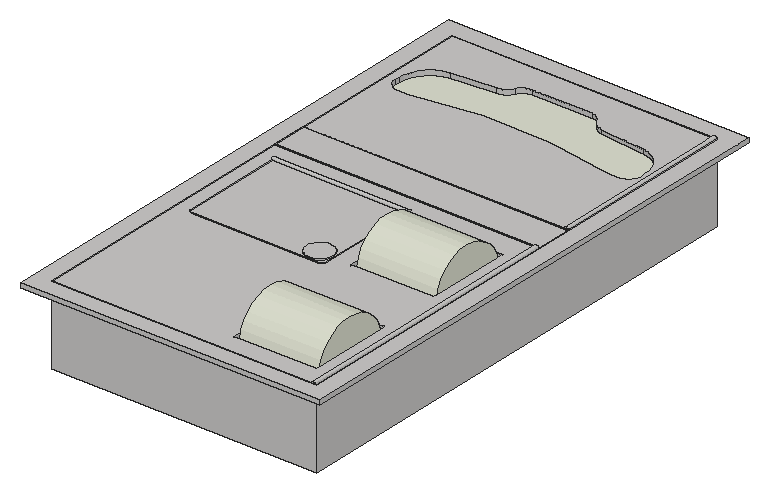
Revit family "Combination_Unit-Bradley_Corp-5912", category Specialty Equipment, host Face, Revit 2018
Family settings
  Host = Face
  Round Connector Dimension = Use Diameter
  Part Type = Normal
  Cut with Voids When Loaded = No
  Shared = No
  Room Calculation Point = No
Parameters (values of type "Right Hand Spindles")
  Width = 17 1/8"
  Warranty Information = "Complete unit, excepting mirrors warranted for one year."
  Void Width = 15 3/8"
  Void Height = 28 7/8"
  Void Depth = 4 1/2"
  Version = "1.0"
  URL = "http://www.bradleycorp.com/"
  Door Side Indicator = 1
  Type Comments = "Right Hand Spindles"
  Technical Data = "n/a"
  Spindles Visibility [instance] = not(Paper Product Visibility)  # no
  Right Hand Tissue Rolls [instance] = and(Door Side Indicator = 1, Paper Product Visibility)  # yes
  Right Hand Spindles [instance] = and(Door Side Indicator = 1, Spindles Visibility)  # no
  Right Hand Door [instance] = Door Side Indicator = 1  # yes
  Percentage of Recycled Content = 0
  Paper Product Visibility [instance] = yes
  OmniClass Title = "Toilet and Bath Specialties"
  OmniClass Code = "23.31.25.00"
  Modeling Code = "n/a"
  Model = "5912-000000"
  Material Note = "n/a"
  MasterFormat Title = "Commercial Toilet Accessories"
  MasterFormat Number = "10 28 13. 13"
  Manufacturer = "Bradley Corporation"
  Low Emitting Material = no
  Left Hand Tissue Rolls [instance] = and(Door Side Indicator = 2, Paper Product Visibility)  # no
  Left Hand Spindles [instance] = and(Door Side Indicator = 2, Spindles Visibility)  # no
  Left Hand Door [instance] = Door Side Indicator = 2  # no
  LEED Credit = ""
  Installation Type = ""
  Industry Standards = ""
  Height = 30 5/8"
  Flange Width = 1"
  Description = "Combination Unit"
  Depth of which projects = 1/4"
  Fire Rating = "n/a"
  Depth = 4 1/2"
  Default Elevation = 48"
  Copyright = "This Model is Property of Bradley Corporation"
  Complies to NAFTA = "n/a"
  Cabinet Material = Metal - Bradley Corp - Stainless Steel Satin
  Buy American Act = "Yes"
  Assembly Code = "C1030200"
  ADA Compliant = "Yes"
Types (3): name | Door Side Indicator | Type Comments | Right Hand Tissue Rolls | Right Hand Door | Model | Left Hand Tissue Rolls | Left Hand Door
  (no name) | 1 | "Right Hand Spindles" | yes | yes | "5912-000000" | no | no
  Right Hand Spindles | 1 | "Right Hand Spindles" | yes | yes | "5912-000000" | no | no
  Left Hand Spindles | 2 | "Left Hand Spindles" | no | no | "5912-690000" | yes | yes
Reference planes (in)
  plane 1 "Center (Front/Back)": y = 0
  plane 2 "Ref Plane": z = 0
  plane 3 "Center (Left/Right)": x = 0
  plane 4 "Top": y = 15.3125
  plane 5 "Left": x = -8.5625
  plane 6 "Right": x = 8.5625
  plane 7 "Bottom": y = -15.3125
  plane 8 "Front": z = 0.25
  plane 9 "Back": z = -4.25
  plane 10 "Flange Left": x = -7.5625
  plane 11 "Flange Right": x = 7.5625
  plane 12 "Flange Bottom": y = -14.3125
  plane 13 "Flange Top": y = 14.3125
  plane 14 "Center (Elevation)": y = -5.62653
  plane 15: y = 9.52232
  plane 16 "LEFT-Spool": x = -4.3125
  plane 17 "RIGHT Spool": x = 4.31593
  plane 18 "B.O. Roll": y = -13.1679
  plane 19 "C.O. Grab Bar": y = 2.6875
Forms (in)
  Extrusion 1, void
    sketch origin (0, 0, 0) x (1, 0, 0) y (0, 1, 0)
      loop
        line (-7.6875, 14.4375) -> (-7.6875, -14.4375) -> (7.6875, -14.4375) -> (7.6875, 14.4375) -> (-7.6875, 14.4375)
    from -4.5 to 0.25
  Extrusion 2, solid, material "Metal - Bradley Corp - Stainless Steel Satin" <- "Cabinet Material"
    sketch origin (0, 0, 0) x (0, 1, 0) y (-1, 0, 0)
      loop
        line (15.3125, 8.5625) -> (-15.3125, 8.5625) -> (-15.3125, -8.5625) -> (15.3125, -8.5625) -> (15.3125, 8.5625)
      loop
        line (14.3125, 7.5625) -> (-14.3125, 7.5625) -> (-14.3125, -7.5625) -> (14.3125, -7.5625) -> (14.3125, 7.5625)
    from 0 to 0.25
  Extrusion 3, solid, material "Metal - Bradley Corp - Stainless Steel Satin" <- "Cabinet Material", visible <- "Right Hand Door", detail levels fine
    sketch origin (0, 0, -1.8125) x (0, 1, 0) y (-1, 0, 0)
      loop
        line (14.3125, 7.5625) -> (-14.3125, 7.5625) -> (-14.3125, -7.5625) -> (14.3125, -7.5625) -> (14.3125, 7.5625)
    from -2.4375 to 2.0625
  Extrusion 4, void
    sketch origin (0, 0, -1.8125) x (0, 1, 0) y (-1, 0, 0)
      loop
        arc (12.69255, 1.72425) -> (12.56364, 2.09837) -> (12.26505, 2.35804) r 0.76508
        arc (12.26505, 2.35804) -> (11.96017, 2.6198) -> (11.82203, 2.99715) r 0.79587
        line (11.82203, 2.99715) -> (11.57916, 5.52704)
        arc (11.57916, 5.52704) -> (10.99138, 6.62597) -> (9.82135, 7.05509) r 1.75
        line (9.82135, 7.05509) -> (9.58577, 7.05509)
        arc (9.58577, 7.05509) -> (9.05553, 6.83546) -> (8.83591, 6.30522) r 0.74986
        line (8.83591, 6.30522) -> (8.83591, 5.73016)
        arc (8.83591, 5.73016) -> (9.52232, 0) -> (8.83591, -5.73016) r 24.26081
        line (8.83591, -5.73016) -> (8.83591, -6.30522)
        arc (8.83591, -6.30522) -> (9.05553, -6.83546) -> (9.58577, -7.05509) r 0.74986
        line (9.58577, -7.05509) -> (9.82135, -7.05509)
        arc (9.82135, -7.05509) -> (10.99138, -6.62597) -> (11.57916, -5.52704) r 1.75
        line (11.57916, -5.52704) -> (11.82203, -2.99715)
        arc (11.82203, -2.99715) -> (11.96017, -2.6198) -> (12.26505, -2.35804) r 0.79587
        arc (12.26505, -2.35804) -> (12.56364, -2.09837) -> (12.69255, -1.72425) r 0.76508
        arc (12.69255, -1.72425) -> (12.75315, 0) -> (12.69255, 1.72425) r 24.56106
      loop
        line (3.649, 7.5625) -> (3.649, -7.5625) -> (3.7115, -7.5625) -> (3.7115, 7.5625) -> (3.649, 7.5625)
      loop
        line (1.62647, 7.5625) -> (1.56397, 7.5625) -> (1.56397, -7.5625) -> (1.62647, -7.5625) -> (1.62647, 7.5625)
    from 1.5625 to 2.0625
  Extrusion 5, void
    sketch origin (0.07262, -2.48188, 0) x (1, 0, 0) y (0, 1, 0)
      loop
        line (-6.8325, 3.13286) -> (-6.8325, -2.89464)
        arc (-6.8325, -2.89464) -> (-6.75927, -3.07142) -> (-6.5825, -3.14464) r 0.25
        line (-6.5825, -3.14464) -> (0.6675, -3.14464)
        arc (0.6675, -3.14464) -> (0.84428, -3.07142) -> (0.9175, -2.89464) r 0.25
        line (0.9175, -2.89464) -> (0.9175, 3.13286) -> (-6.8325, 3.13286)
      loop
        line (-6.77, 3.07036) -> (-6.77, -2.89464)
        arc (-6.77, -2.89464) -> (-6.71508, -3.02722) -> (-6.5825, -3.08214) r 0.1875
        line (-6.5825, -3.08214) -> (0.6675, -3.08214)
        arc (0.6675, -3.08214) -> (0.80009, -3.02722) -> (0.855, -2.89464) r 0.1875
        line (0.855, -2.89464) -> (0.855, 3.07036) -> (-6.77, 3.07036)
    from 0 to 0.25
  Extrusion 6, solid, material "Metal - Bradley Corp - Stainless Steel Satin" <- "Cabinet Material", visible <- "Right Hand Door", detail levels fine
    sketch origin (0, -2.24006, 6.02708) x (0, 1, 0) y (0, 0, 1)
      loop
        arc (2.89104, -5.77708) -> (2.76994, -5.65599) -> (2.64885, -5.77708) r 0.12109
        line (2.64885, -5.77708) -> (2.89104, -5.77708)
    from -6.75988 to 0.99012
  Extrusion 7, void
    sketch origin (0, 0, -0.33976) x (0, 1, 0) y (0, 0, 1)
      loop
        arc (-4.26666, -1.69193) -> (-1.32176, -2.37141) -> (0.14381, 0.27174) r 2.5114
        line (0.14381, 0.27174) -> (0.14381, 2.52174) -> (-4.82605, 2.52174) -> (-4.82605, 0.30076) -> (-8.22561, 0.30076) -> (-8.22561, 2.52174) -> (-13.19547, 2.52174) -> (-13.19547, 0.27174)
        arc (-13.19547, 0.27174) -> (-11.7299, -2.37141) -> (-8.785, -1.69193) r 2.5114
        arc (-8.785, -1.69193) -> (-6.52583, -0.63882) -> (-4.26666, -1.69193) r 2.94978
    from 6.67462 to 1.95724
  Extrusion 8, solid, material "Metal - Bradley Corp - Stainless Steel Satin" <- "Cabinet Material", visible <- "Right Hand Spindles", detail levels fine
    sketch origin (0, 0, 0) x (0, 1, 0) y (0, 0, 1)
      loop
        circle (-2.34324, -0.41689) r 0.5
      loop
        circle (-10.70842, -0.41689) r 0.5
    from 1.95724 to 6.67462
  Extrusion 9, solid, material "Paper - Bradley Corp - White", visible <- "Right Hand Tissue Rolls", detail levels fine
    sketch origin (0, 0, 0) x (0, 1, 0) y (0, 0, 1)
      loop
        circle (-2.34324, -0.41689) r 2.25
      loop
        circle (-10.70842, -0.41689) r 2.25
    from 2.05262 to 6.61562
  Extrusion 10, solid, material "Metal - Bradley Corp - Stainless Steel Satin" <- "Cabinet Material", visible <- "Left Hand Door", detail levels fine
    sketch origin (0, 0, 0.25) x (0, 1, 0) y (-1, 0, 0)
      loop
        line (14.3125, 7.5625) -> (-14.3125, 7.5625) -> (-14.3125, -7.5625) -> (14.3125, -7.5625) -> (14.3125, 7.5625)
    from 0 to -4.5
  Extrusion 11, void
    sketch origin (-8.55804, 0.02757, -0.33976) x (0, 1, 0) y (0, 0, 1)
      loop
        arc (-4.26666, -1.69193) -> (-1.32176, -2.37141) -> (0.14381, 0.27174) r 2.5114
        line (0.14381, 0.27174) -> (0.14381, 2.52174) -> (-4.82605, 2.52174) -> (-4.82605, 0.30076) -> (-8.22561, 0.30076) -> (-8.22561, 2.52174) -> (-13.19547, 2.52174) -> (-13.19547, 0.27174)
        arc (-13.19547, 0.27174) -> (-11.7299, -2.37141) -> (-8.785, -1.69193) r 2.5114
        arc (-8.785, -1.69193) -> (-6.52583, -0.63882) -> (-4.26666, -1.69193) r 2.94978
    from 6.67462 to 1.95724
  Extrusion 12, void
    sketch origin (5.8497, -2.48188, 0) x (1, 0, 0) y (0, 1, 0)
      loop
        line (-6.8325, 3.13286) -> (-6.8325, -2.89464)
        arc (-6.8325, -2.89464) -> (-6.75927, -3.07142) -> (-6.5825, -3.14464) r 0.25
        line (-6.5825, -3.14464) -> (0.6675, -3.14464)
        arc (0.6675, -3.14464) -> (0.84428, -3.07142) -> (0.9175, -2.89464) r 0.25
        line (0.9175, -2.89464) -> (0.9175, 3.13286) -> (-6.8325, 3.13286)
      loop
        line (-6.77, 3.07036) -> (-6.77, -2.89464)
        arc (-6.77, -2.89464) -> (-6.71508, -3.02722) -> (-6.5825, -3.08214) r 0.1875
        line (-6.5825, -3.08214) -> (0.6675, -3.08214)
        arc (0.6675, -3.08214) -> (0.80009, -3.02722) -> (0.855, -2.89464) r 0.1875
        line (0.855, -2.89464) -> (0.855, 3.07036) -> (-6.77, 3.07036)
    from 0 to 0.25
  Extrusion 13, solid, material "Metal - Bradley Corp - Stainless Steel Satin" <- "Cabinet Material", visible <- "Left Hand Spindles", detail levels fine
    sketch origin (0, 0, 0) x (0, 1, 0) y (0, 0, 1)
      loop
        circle (-2.34324, -0.41689) r 0.5
      loop
        circle (-10.70842, -0.41689) r 0.5
    from -6.6008 to -1.88341
  Extrusion 14, solid, material "Paper - Bradley Corp - White", visible <- "Left Hand Tissue Rolls", detail levels fine
    sketch origin (0, 0, 0) x (0, 1, 0) y (0, 0, 1)
      loop
        circle (-2.34324, -0.41689) r 2.25
      loop
        circle (-10.70842, -0.41689) r 2.25
    from -6.49826 to -1.98289
  Extrusion 15, solid, material "Metal - Bradley Corp - Stainless Steel Satin" <- "Cabinet Material", visible <- "Left Hand Door", detail levels fine
    sketch origin (5.80659, -2.24006, 6.02708) x (0, 1, 0) y (0, 0, 1)
      loop
        arc (2.89104, -5.77708) -> (2.76994, -5.65599) -> (2.64885, -5.77708) r 0.12109
        line (2.64885, -5.77708) -> (2.89104, -5.77708)
    from -6.78939 to 0.96061
  Extrusion 16, solid, material "Paper - Bradley Corp - White", visible <- "Paper Product Visibility", detail levels fine
    sketch origin (0, 0, 0.25) x (0, 1, 0) y (-1, 0, 0)
      loop
        arc (12.69255, -1.72425) -> (12.75315, 0) -> (12.69255, 1.72425) r 24.56106
        arc (12.69255, 1.72425) -> (12.56364, 2.09837) -> (12.26505, 2.35804) r 0.76508
        arc (12.26505, 2.35804) -> (11.96017, 2.6198) -> (11.82203, 2.99715) r 0.79587
        line (11.82203, 2.99715) -> (11.58533, 5.47185)
        arc (11.58533, 5.47185) -> (11.01219, 6.60758) -> (9.82135, 7.05509) r 1.75
        line (9.82135, 7.05509) -> (9.58577, 7.05509)
        arc (9.58577, 7.05509) -> (9.05553, 6.83546) -> (8.83591, 6.30522) r 0.74986
        line (8.83591, 6.30522) -> (8.83591, 5.73016)
        arc (8.83591, 5.73016) -> (9.52232, 0) -> (8.83591, -5.73016) r 24.26081
        line (8.83591, -5.73016) -> (8.83591, -6.30522)
        arc (8.83591, -6.30522) -> (9.05553, -6.83546) -> (9.58577, -7.05509) r 0.74986
        line (9.58577, -7.05509) -> (9.82135, -7.05509)
        arc (9.82135, -7.05509) -> (11.01219, -6.60758) -> (11.58533, -5.47185) r 1.75
        line (11.58533, -5.47185) -> (11.82203, -2.99715)
        arc (11.82203, -2.99715) -> (11.96017, -2.6198) -> (12.26505, -2.35804) r 0.79587
        arc (12.26505, -2.35804) -> (12.56364, -2.09837) -> (12.69255, -1.72425) r 0.76508
    from -0.5 to -0.25
  Extrusion 17, solid, material "Metal - Bradley Corp - Stainless Steel Satin" <- "Cabinet Material", detail levels coarse+medium
    sketch origin (0, 0, 0.25) x (0, 1, 0) y (-1, 0, 0)
      loop
        line (14.3125, 7.5625) -> (-14.3125, 7.5625) -> (-14.3125, -7.5625) -> (14.3125, -7.5625) -> (14.3125, 7.5625)
    from -4.5 to 0
  Extrusion 18, solid, material "Metal - Bradley Corp - Stainless Steel Satin" <- "Cabinet Material", visible <- "Right Hand Door", detail levels fine
    sketch origin (-4.39729, -22.9992, 0.26675) x (0, 1, 0) y (-1, 0, 0)
      loop
        circle (18.25, -4.5) r 0.75
    from -0.01675 to 0.03125
  Extrusion 19, solid, material "Metal - Bradley Corp - Stainless Steel Satin" <- "Cabinet Material", visible <- "Left Hand Door", detail levels fine
    sketch origin (-4.61424, -22.9992, 0.26675) x (0, 1, 0) y (-1, 0, 0)
      loop
        circle (18.25, -4.5) r 0.75
    from -0.01675 to 0.03125
  Extrusion 20, solid, material "Metal - Bradley Corp - Stainless Steel Satin" <- "Cabinet Material", visible <- "Right Hand Door", detail levels fine
    sketch origin (10.21135, 10.50089, 6.02708) x (-1, 0, 0) y (0, 0, 1)
      loop
        arc (2.89104, -5.77708) -> (2.76994, -5.65599) -> (2.64885, -5.77708) r 0.12109
        line (2.64885, -5.77708) -> (2.89104, -5.77708)
    from -6.78939 to 3.81161
  Extrusion 21, solid, material "Metal - Bradley Corp - Stainless Steel Satin" <- "Cabinet Material", visible <- "Right Hand Door", detail levels fine
    sketch origin (10.21135, 0.60336, 6.02708) x (-1, 0, 0) y (0, 0, 1)
      loop
        arc (2.89104, -5.77708) -> (2.76994, -5.65599) -> (2.64885, -5.77708) r 0.12109
        line (2.64885, -5.77708) -> (2.89104, -5.77708)
    from -14.91586 to 0.96061
  Extrusion 22, solid, material "Metal - Bradley Corp - Stainless Steel Satin" <- "Cabinet Material", visible <- "Left Hand Door", detail levels fine
    sketch origin (-10.21135, 10.50089, 6.02708) x (1, 0, 0) y (0, 0, -1)
      loop
        line (2.89104, 5.77708) -> (2.64885, 5.77708)
        arc (2.64885, 5.77708) -> (2.76994, 5.65599) -> (2.89104, 5.77708) r 0.12109
    from -6.78939 to 3.81161
  Extrusion 23, solid, material "Metal - Bradley Corp - Stainless Steel Satin" <- "Cabinet Material", visible <- "Left Hand Door", detail levels fine
    sketch origin (-10.21135, 0.60336, 6.02708) x (1, 0, 0) y (0, 0, -1)
      loop
        line (2.89104, 5.77708) -> (2.64885, 5.77708)
        arc (2.64885, 5.77708) -> (2.76994, 5.65599) -> (2.89104, 5.77708) r 0.12109
    from -14.91586 to 0.96061
Cuts and joins
  Extrusion 5, Extrusion 7, Extrusion 11, Extrusion 12 cuts Extrusion 2
  Extrusion 4, Extrusion 5, Extrusion 7 cuts Extrusion 3
  Extrusion 7, Extrusion 12 cuts Extrusion 6
  Extrusion 11 cuts Extrusion 8
  Extrusion 4, Extrusion 11, Extrusion 12 cuts Extrusion 10
Lines and regions (in)
  Split face 1
    outline origin (-4.39729, -22.9992, 0.298) x (0, 1, 0) y (-1, 0, 0)
      loop
        line (18.38475, -4.10487) -> (17.64205, -4.20925) -> (17.64205, -4.76856) -> (18.38475, -4.87294) -> (18.38475, -4.83903) -> (17.69085, -4.7415) -> (17.69085, -4.23631) -> (18.38475, -4.13879) -> (18.38475, -4.10487)
  Split face 2
    outline origin (-4.39729, -22.9992, 0.298) x (0, 1, 0) y (-1, 0, 0)
      loop
        line (18.27182, -4.25749) -> (18.00475, -4.52457)
        arc (18.00475, -4.52457) -> (18.1936, -4.60279) -> (18.27182, -4.79164) r 0.26708
        line (18.27182, -4.79164) -> (18.5389, -4.52457)
        arc (18.5389, -4.52457) -> (18.46067, -4.33572) -> (18.27182, -4.25749) r 0.26708
  Split face 3
    outline origin (-4.39729, -22.9992, 0.298) x (0, 1, 0) y (-1, 0, 0)
      loop
        arc (18.87521, -4.8477) -> (18.91749, -4.63008) -> (18.87521, -4.41246) r 0.58124
        arc (18.87521, -4.41246) -> (18.73215, -4.27428) -> (18.53373, -4.28817) r 0.24445
        arc (18.53373, -4.28817) -> (18.71378, -4.41336) -> (18.76984, -4.62537) r 0.31771
        arc (18.76984, -4.62537) -> (18.69183, -4.57543) -> (18.64189, -4.49742) r 0.21615
        arc (18.64189, -4.49742) -> (18.67952, -4.70986) -> (18.78891, -4.89583) r 0.60851
        line (18.78891, -4.89583) -> (18.87521, -4.8477)
  Split face 4
    outline origin (-4.61424, -22.9992, 0.298) x (0, 1, 0) y (-1, 0, 0)
      loop
        line (18.38475, -4.10487) -> (17.64205, -4.20925) -> (17.64205, -4.76856) -> (18.38475, -4.87294) -> (18.38475, -4.83903) -> (17.69085, -4.7415) -> (17.69085, -4.23631) -> (18.38475, -4.13879) -> (18.38475, -4.10487)
  Split face 5
    outline origin (-4.61424, -22.9992, 0.298) x (0, 1, 0) y (-1, 0, 0)
      loop
        line (18.27182, -4.25749) -> (18.00475, -4.52457)
        arc (18.00475, -4.52457) -> (18.1936, -4.60279) -> (18.27182, -4.79164) r 0.26708
        line (18.27182, -4.79164) -> (18.5389, -4.52457)
        arc (18.5389, -4.52457) -> (18.46067, -4.33572) -> (18.27182, -4.25749) r 0.26708
  Split face 6
    outline origin (-4.61424, -22.9992, 0.298) x (0, 1, 0) y (-1, 0, 0)
      loop
        arc (18.87521, -4.8477) -> (18.91749, -4.63008) -> (18.87521, -4.41246) r 0.58124
        arc (18.87521, -4.41246) -> (18.73215, -4.27428) -> (18.53373, -4.28817) r 0.24445
        arc (18.53373, -4.28817) -> (18.71378, -4.41336) -> (18.76984, -4.62537) r 0.31771
        arc (18.76984, -4.62537) -> (18.69183, -4.57543) -> (18.64189, -4.49742) r 0.21615
        arc (18.64189, -4.49742) -> (18.67952, -4.70986) -> (18.78891, -4.89583) r 0.60851
        line (18.78891, -4.89583) -> (18.87521, -4.8477)
  model lines, detail levels medium
    curve 1: arc (1.72425, 12.69255, 0.25) -> (0, 12.75315, 0.25) -> (-1.72425, 12.69255, 0.25) r 24.56106
    curve 2: arc (-1.72425, 12.69255, 0.25) -> (-2.09837, 12.56364, 0.25) -> (-2.35804, 12.26505, 0.25) r 0.76508
    curve 3: arc (-2.35804, 12.26505, 0.25) -> (-2.6198, 11.96017, 0.25) -> (-2.99715, 11.82203, 0.25) r 0.79587
    curve 4: line (-2.99715, 11.82203, 0.25) -> (-5.47185, 11.58533, 0.25)
    curve 5: arc (-7.05509, 9.82135, 0.25) -> (-6.60758, 11.01219, 0.25) -> (-5.47185, 11.58533, 0.25) r 1.75
    curve 6: line (-7.05509, 9.82135, 0.25) -> (-7.05509, 9.58577, 0.25)
    curve 7: arc (-7.05509, 9.58577, 0.25) -> (-6.83546, 9.05553, 0.25) -> (-6.30522, 8.83591, 0.25) r 0.74986
    curve 8: line (-6.30522, 8.83591, 0.25) -> (-5.73016, 8.83591, 0.25)
    curve 9: arc (1.72425, 12.69255, 0.25) -> (2.09837, 12.56364, 0.25) -> (2.35804, 12.26505, 0.25) r 0.76508
    curve 10: arc (2.35804, 12.26505, 0.25) -> (2.6198, 11.96017, 0.25) -> (2.99715, 11.82203, 0.25) r 0.79587
    curve 11: line (2.99715, 11.82203, 0.25) -> (5.47185, 11.58533, 0.25)
    curve 12: arc (7.05509, 9.82135, 0.25) -> (6.60758, 11.01219, 0.25) -> (5.47185, 11.58533, 0.25) r 1.75
    curve 13: line (7.05509, 9.82135, 0.25) -> (7.05509, 9.58577, 0.25)
    curve 14: arc (7.05509, 9.58577, 0.25) -> (6.83546, 9.05553, 0.25) -> (6.30522, 8.83591, 0.25) r 0.74986
    curve 15: line (6.30522, 8.83591, 0.25) -> (5.73016, 8.83591, 0.25)
    curve 16: arc (5.73016, 8.83591, 0.25) -> (0, 9.52232, 0.25) -> (-5.73016, 8.83591, 0.25) r 24.26081
    curve 53: line (-7.5625, 3.7115, 0.25) -> (7.5625, 3.7115, 0.25)
    curve 54: line (7.5625, 1.56397, 0.25) -> (-7.5625, 1.56397, 0.25)
  model lines, visible <- "Right Hand Door", detail levels medium+fine
    curve 17: circle (-6.75987, 7.7514, 0.25) r 0.431 normal (0, 0, 1)
    curve 19: circle (-6.75987, -7.2486, 0.25) r 0.431 normal (0, 0, 1)
  model lines, visible <- "Right Hand Door", detail levels fine
    curve 18: circle (-6.75987, 7.7514, 0.25) r 0.316 normal (0, 0, 1)
    curve 20: circle (-6.75987, -7.2486, 0.25) r 0.316 normal (0, 0, 1)
  model lines, visible <- "Right Hand Door", detail levels medium
    curve 21: line (-6.75987, 0.65097, 0.25) -> (-6.75987, -5.37653, 0.25)
    curve 22: arc (-6.75987, -5.37653, 0.25) -> (-6.68665, -5.5533, 0.25) -> (-6.50987, -5.62653, 0.25) r 0.25
    curve 23: line (-6.50987, -5.62653, 0.25) -> (0.74013, -5.62653, 0.25)
    curve 24: arc (0.74013, -5.62653, 0.25) -> (0.9169, -5.5533, 0.25) -> (0.99013, -5.37653, 0.25) r 0.25
    curve 25: line (0.99013, -5.37653, 0.25) -> (0.99013, 0.65097, 0.25)
    curve 26: line (0.99013, 0.65097, 0.25) -> (-6.75987, 0.65097, 0.25)
    curve 27: line (1.95724, 0.16816, 0.25) -> (6.67463, 0.16816, 0.25)
    curve 28: line (1.95724, -4.82605, 0.25) -> (1.95724, 0.16816, 0.25)
    curve 29: line (6.67463, -4.82605, 0.25) -> (1.95724, -4.82605, 0.25)
    curve 30: line (6.67463, 0.16816, 0.25) -> (6.67463, -4.82605, 0.25)
    curve 31: line (1.95724, -8.22561, 0.25) -> (6.67463, -8.22561, 0.25)
    curve 32: line (1.95724, -13.19547, 0.25) -> (1.95724, -8.22561, 0.25)
    curve 33: line (6.67463, -13.19547, 0.25) -> (1.95724, -13.19547, 0.25)
    curve 34: line (6.67463, -8.22561, 0.25) -> (6.67463, -13.19547, 0.25)
    curve 55: circle (0.10271, -4.7492, 0.25) r 0.75 normal (0, 0, 1)
  model lines, visible <- "Left Hand Door", detail levels medium+fine
    curve 35: circle (6.76, 7.7514, 0.25) r 0.431 normal (0, 0, 1)
    curve 37: circle (6.76, -7.2486, 0.25) r 0.431 normal (0, 0, 1)
  model lines, visible <- "Left Hand Door", detail levels fine
    curve 36: circle (6.76, 7.7514, 0.25) r 0.316 normal (0, 0, 1)
    curve 38: circle (6.76, -7.2486, 0.25) r 0.316 normal (0, 0, 1)
  model lines, visible <- "Left Hand Door", detail levels medium
    curve 39: line (-6.6008, 0.17138, 0.25) -> (-1.88341, 0.17138, 0.25)
    curve 40: line (-6.6008, -4.79848, 0.25) -> (-6.6008, 0.17138, 0.25)
    curve 41: line (-1.88341, -4.79848, 0.25) -> (-6.6008, -4.79848, 0.25)
    curve 42: line (-1.88341, 0.17138, 0.25) -> (-1.88341, -4.79848, 0.25)
    curve 43: line (-1.88341, -8.19804, 0.25) -> (-6.6008, -8.19804, 0.25)
    curve 44: line (-1.88341, -13.19225, 0.25) -> (-1.88341, -8.19804, 0.25)
    curve 45: line (-6.6008, -13.19225, 0.25) -> (-1.88341, -13.19225, 0.25)
    curve 46: line (-6.6008, -8.19804, 0.25) -> (-6.6008, -13.19225, 0.25)
    curve 47: line (-0.9828, 0.65097, 0.25) -> (6.7672, 0.65097, 0.25)
    curve 48: line (6.7672, 0.65097, 0.25) -> (6.7672, -5.37653, 0.25)
    curve 49: line (-0.9828, 0.65097, 0.25) -> (-0.9828, -5.37653, 0.25)
    curve 50: arc (-0.9828, -5.37653, 0.25) -> (-0.90957, -5.5533, 0.25) -> (-0.7328, -5.62653, 0.25) r 0.25
    curve 51: line (-0.7328, -5.62653, 0.25) -> (6.5172, -5.62653, 0.25)
    curve 52: arc (6.5172, -5.62653, 0.25) -> (6.69398, -5.5533, 0.25) -> (6.7672, -5.37653, 0.25) r 0.25
    curve 56: circle (-0.11424, -4.7492, 0.25) r 0.75 normal (0, 0, 1)
  symbolic lines, style "Door Swing", visible <- "Left Hand Door"
    curve 57: line (-7.5625, 0, 0.25) -> (-7.5625, 0, 15.375)
    curve 59: arc (-7.5625, 0, 15.375) -> (3.13249, 0, 10.94499) -> (7.5625, 0, 0.25) r 15.125
  symbolic lines, style "Door Swing", visible <- "Right Hand Door"
    curve 58: line (7.5625, 0, 0.25) -> (7.5625, 0, 15.375)
    curve 60: arc (7.5625, 0, 15.375) -> (-3.13249, 0, 10.94499) -> (-7.5625, 0, 0.25) r 15.125
Dimensions and locks (in)
  equal spacing: plane 4 "Top", plane 1 "Center (Front/Back)", plane 7 "Bottom"
  "Height": plane 4 "Top" to plane 7 "Bottom"
  equal spacing: plane 5 "Left", plane 3 "Center (Left/Right)", plane 6 "Right"
  "Width": plane 5 "Left" to plane 6 "Right"
  equal spacing: Extrusion 1 sketch curve, plane 3 "Center (Left/Right)", Extrusion 1 sketch curve
  "Void Width": Extrusion 1 sketch curve to Extrusion 1 sketch curve
  equal spacing: Extrusion 1 sketch curve, plane 1 "Center (Front/Back)", Extrusion 1 sketch curve
  "Void Height": Extrusion 1 sketch curve to Extrusion 1 sketch curve
  "Depth of which projects": plane 8 "Front" to plane 2 "Ref Plane"
  "Depth": plane 8 "Front" to plane 9 "Back"
  "Flange Width": plane 4 "Top" to plane 13 "Flange Top"
  "Flange Width": plane 7 "Bottom" to plane 12 "Flange Bottom"
  "Flange Width": plane 11 "Flange Right" to plane 6 "Right"
  "Flange Width": plane 5 "Left" to plane 10 "Flange Left"
  "Void Depth": plane 2 "Ref Plane" to Extrusion 1
  locked: plane 8 "Front" to Extrusion 4 at 0.5
  locked: Extrusion 5 to plane 8 "Front" at 0.25
  locked: plane 4 "Top" to plane 15 at 5.79018
  locked: plane 11 "Flange Right" to plane 17 "RIGHT Spool" at 3.24657
  locked: plane 16 "LEFT-Spool" to plane 10 "Flange Left" at 3.25
  locked: plane 18 "B.O. Roll" to plane 7 "Bottom" at 2.1446
  locked: plane 19 "C.O. Grab Bar" to plane 7 "Bottom" at 18
  radius of Extrusion 7 sketch curve = 2.5114"  (x2)
  radius of Extrusion 7 sketch curve = 2.94978"
  radius of Extrusion 11 sketch curve = 2.5114"  (x2)
  radius of Extrusion 11 sketch curve = 2.94978"
  aligned and locked: host face to plane 2 "Ref Plane"
  aligned and locked: level to host face
  aligned and locked: plane 8 "Front" to Extrusion 1
  aligned and locked: plane 5 "Left" to Extrusion 2 sketch curve
  aligned and locked: plane 10 "Flange Left" to Extrusion 2 sketch curve
  aligned and locked: Extrusion 2 sketch curve to plane 4 "Top"
  aligned and locked: Extrusion 2 sketch curve to plane 13 "Flange Top"
  aligned and locked: Extrusion 2 sketch curve to plane 11 "Flange Right"
  aligned and locked: Extrusion 2 sketch curve to plane 6 "Right"
  aligned and locked: Extrusion 2 sketch curve to plane 12 "Flange Bottom"
  aligned and locked: plane 7 "Bottom" to Extrusion 2 sketch curve
  aligned and locked: plane 10 "Flange Left" to Extrusion 3 sketch curve
  aligned and locked: Extrusion 3 sketch curve to plane 13 "Flange Top"
  aligned and locked: Extrusion 3 sketch curve to plane 12 "Flange Bottom"
  aligned and locked: Extrusion 3 sketch curve to plane 11 "Flange Right"
  aligned and locked: Extrusion 3 to plane 9 "Back"
  aligned and locked: plane 8 "Front" to Extrusion 3
  aligned and locked: Extrusion 4 to plane 8 "Front"
  aligned and locked: plane 8 "Front" to Extrusion 5
  aligned and locked: Extrusion 6 sketch curve to plane 8 "Front"
  aligned and locked: cut or joined group of Extrusion 2, Extrusion 5, Extrusion 7, Extrusion 11, Extrusion 12 to plane 2 "Ref Plane"
  aligned and locked: Extrusion 10 to plane 9 "Back"
  aligned and locked: plane 10 "Flange Left" to Extrusion 17 sketch curve
  aligned and locked: Extrusion 17 sketch curve to plane 13 "Flange Top"
  aligned and locked: Extrusion 17 sketch curve to plane 11 "Flange Right"
  aligned and locked: Extrusion 17 sketch curve to plane 12 "Flange Bottom"
  aligned and locked: Extrusion 17 to plane 9 "Back"
  aligned and locked: Extrusion 21 to cut or joined group of Extrusion 3, Extrusion 4, Extrusion 5, Extrusion 7
Automatic sketch dimensions
  host sketch curve to host sketch curve = 26.46047"
  host sketch curve to host sketch curve = 44.90827"
  Extrusion 4 sketch curve to plane 3 "Center (Left/Right)" = 0"  (x2)
  Extrusion 4 sketch curve to plane 11 "Flange Right" = 0"  (x2)
  Extrusion 4 sketch curve to plane 10 "Flange Left" = 0"  (x2)
  plane 12 "Flange Bottom" to Extrusion 4 sketch curve = 0.42599"
  Extrusion 4 sketch curve to plane 12 "Flange Bottom" = 2.50459"
  Extrusion 4 sketch curve to plane 1 "Center (Front/Back)" = 1.56398"
  Extrusion 4 sketch curve to Extrusion 4 sketch curve = 1/16"  (x2)
  Extrusion 4 sketch curve to Extrusion 4 sketch curve = 2.02253"
  plane 10 "Flange Left" to Extrusion 4 sketch curve = 1.83234"
  Extrusion 4 sketch curve to Extrusion 4 sketch curve = 5.12441"  (x2)
  Extrusion 4 sketch curve to plane 11 "Flange Right" = 1.25728"
  Extrusion 4 sketch curve to Extrusion 4 sketch curve = 0.74986"  (x2)
  plane 10 "Flange Left" to Extrusion 4 sketch curve = 0.50741"
  Extrusion 4 sketch curve to Extrusion 4 sketch curve = 0.23558"  (x2)
  Extrusion 4 sketch curve to Extrusion 4 sketch curve = 0.25751"  (x2)
  Extrusion 4 sketch curve to Extrusion 4 sketch curve = 1.73588"  (x2)
  plane 10 "Flange Left" to Extrusion 4 sketch curve = 2.03546"
  Extrusion 4 sketch curve to plane 13 "Flange Top" = 2.49047"  (x2)
  Extrusion 4 sketch curve to Extrusion 4 sketch curve = 0.10732"  (x2)
  Extrusion 4 sketch curve to Extrusion 4 sketch curve = 0.3357"  (x2)
  Extrusion 4 sketch curve to Extrusion 4 sketch curve = 0"  (x4)
  Extrusion 4 sketch curve to Extrusion 4 sketch curve = 0.34921"  (x2)
  Extrusion 4 sketch curve to Extrusion 4 sketch curve = 0.4275"  (x2)
  Extrusion 4 sketch curve to plane 11 "Flange Right" = 2.03546"
  Extrusion 4 sketch curve to Extrusion 4 sketch curve = 2.45384"
  curve 17 to curve 18 = 0"  (x2)
  curve 19 to curve 20 = 0"  (x2)
  curve 35 to curve 36 = 0"  (x2)
  curve 37 to curve 38 = 0"  (x2)
  curve 16 to plane 3 "Center (Left/Right)" = 0"
  curve 1 to plane 3 "Center (Left/Right)" = 0"
  curve 22 to plane 14 "Center (Elevation)" = 0"
  curve 51 to plane 14 "Center (Elevation)" = 0"
  curve 54 to plane 10 "Flange Left" = 0"
  curve 54 to plane 11 "Flange Right" = 0"
  curve 53 to plane 11 "Flange Right" = 0"
  curve 53 to plane 10 "Flange Left" = 0"
  plane 10 "Flange Left" to curve 20 = 0.80263"
  plane 14 "Center (Elevation)" to curve 20 = 1.62208"
  curve 38 to plane 11 "Flange Right" = 0.8025"
  plane 14 "Center (Elevation)" to curve 38 = 1.62208"
  curve 43 to curve 19 = 0.94944"
  curve 34 to curve 37 = 0.97701"
  curve 1 to plane 12 "Flange Bottom" = 2.50459"
  curve 45 to plane 12 "Flange Bottom" = 1.12025"
  curve 34 to plane 12 "Flange Bottom" = 1.11703"
  plane 12 "Flange Bottom" to curve 16 = 0.42599"
  curve 21 to plane 14 "Center (Elevation)" = 1/4"
  curve 52 to plane 14 "Center (Elevation)" = 1/4"
  curve 50 to plane 14 "Center (Elevation)" = 1/4"
  curve 24 to plane 14 "Center (Elevation)" = 1/4"
  curve 52 to curve 30 = 0.55048"
  curve 22 to curve 40 = 0.57805"
  plane 3 "Center (Left/Right)" to curve 55 = 0.10271"
  curve 55 to plane 14 "Center (Elevation)" = 0.87732"
  curve 56 to curve 55 = 0"
  curve 30 to plane 1 "Center (Front/Back)" = 0.16816"
  curve 40 to plane 1 "Center (Front/Back)" = 0.17138"
  curve 25 to plane 1 "Center (Front/Back)" = 0.65098"
  curve 47 to plane 1 "Center (Front/Back)" = 0.65098"
  curve 21 to curve 54 = 0.913"
  curve 54 to curve 53 = 2.14753"
  plane 10 "Flange Left" to curve 18 = 0.80263"
  curve 53 to curve 18 = 4.0399"
  curve 36 to plane 11 "Flange Right" = 0.8025"
  curve 53 to curve 36 = 4.0399"
  curve 17 to curve 7 = 1.08451"
  curve 35 to curve 16 = 1.08451"
  plane 10 "Flange Left" to curve 7 = 0.50741"
  curve 7 to curve 7 = 0.74986"
  curve 15 to curve 14 = 0.74986"
  curve 13 to curve 13 = 0.23558"
  curve 7 to curve 5 = 0.23558"
  curve 14 to curve 12 = 0.25751"
  curve 7 to curve 5 = 0.25751"
  plane 10 "Flange Left" to curve 4 = 2.09065"
  curve 5 to curve 4 = 1.74205"
  curve 11 to plane 11 "Flange Right" = 2.09065"
  curve 12 to curve 11 = 1.74205"
  curve 12 to curve 11 = 0.2367"
  curve 4 to curve 4 = 0.2367"
  curve 10 to curve 9 = 0.10732"
  curve 4 to curve 2 = 0.10732"
  curve 2 to curve 2 = 0.3357"
  curve 9 to curve 9 = 0.3357"
  curve 10 to curve 9 = 0"
  curve 3 to curve 2 = 0"
  curve 4 to curve 3 = 0.79223"
  curve 9 to curve 10 = 0.34921"
  curve 3 to curve 2 = 0.4275"
  curve 9 to curve 1 = 0.4275"
  curve 9 to curve 1 = 0"
  curve 1 to curve 2 = 0"
  curve 13 to plane 11 "Flange Right" = 0.50741"
  curve 52 to plane 11 "Flange Right" = 0.7953"
  curve 52 to curve 29 = 0.09258"
  curve 34 to plane 11 "Flange Right" = 0.88787"
  curve 14 to curve 15 = 0.57506"
  curve 12 to curve 10 = 2.39864"
  plane 3 "Center (Left/Right)" to curve 32 = 1.95724"
  curve 28 to curve 55 = 1.85453"
  plane 3 "Center (Left/Right)" to curve 24 = 0.99012"
  curve 56 to plane 3 "Center (Left/Right)" = 0.11424"
  curve 50 to plane 3 "Center (Left/Right)" = 0.7328"
  curve 51 to curve 50 = 0"
  curve 45 to plane 3 "Center (Left/Right)" = 1.88341"
  curve 50 to curve 42 = 0.90062"
  plane 10 "Flange Left" to curve 22 = 1.05263"
  plane 10 "Flange Left" to curve 46 = 0.9617"
  curve 22 to curve 40 = 0.09092"
  Extrusion 5 sketch curve to Extrusion 5 sketch curve = 0"  (x4)
  Extrusion 5 sketch curve to plane 14 "Center (Elevation)" = 0"
  Extrusion 5 sketch curve to plane 14 "Center (Elevation)" = 1/4"
  plane 10 "Flange Left" to Extrusion 5 sketch curve = 0.80263"
  Extrusion 5 sketch curve to Extrusion 5 sketch curve = 1/16"  (x2)
  plane 3 "Center (Left/Right)" to Extrusion 5 sketch curve = 0.74012"
  plane 3 "Center (Left/Right)" to Extrusion 5 sketch curve = 0.92762"
  Extrusion 5 sketch curve to plane 1 "Center (Front/Back)" = 0.58848"
  Extrusion 6 sketch curve to plane 1 "Center (Front/Back)" = 0.40879"
  Extrusion 6 sketch curve to Extrusion 6 sketch curve = 31/256"
  Extrusion 7 sketch curve to plane 12 "Flange Bottom" = 1.11703"
  Extrusion 7 sketch curve to level = 0.41689"
  Extrusion 7 sketch curve to Extrusion 7 sketch curve = 2.48705"
  Extrusion 7 sketch curve to Extrusion 7 sketch curve = 1.92342"
  Extrusion 7 sketch curve to Extrusion 7 sketch curve = 0"  (x2)
  Extrusion 7 sketch curve to level = 0.039"
  Extrusion 7 sketch curve to Extrusion 7 sketch curve = 0.55938"
  Extrusion 7 sketch curve to plane 14 "Center (Elevation)" = 0.80048"
  Extrusion 7 sketch curve to plane 14 "Center (Elevation)" = 1.35986"
  Extrusion 7 sketch curve to level = 0.06802"
  plane 8 "Front" to Extrusion 7 sketch curve = 1.93198"  (x2)
  Extrusion 8 sketch curve to level = 0.41689"  (x2)
  Extrusion 8 sketch curve to plane 12 "Flange Bottom" = 3.60408"
  plane 1 "Center (Front/Back)" to Extrusion 8 sketch curve = 2.34324"
  Extrusion 9 sketch curve to level = 0.41689"  (x2)
  Extrusion 9 sketch curve to plane 12 "Flange Bottom" = 3.60408"
  plane 1 "Center (Front/Back)" to Extrusion 9 sketch curve = 2.34324"
  Extrusion 10 sketch curve to plane 10 "Flange Left" = 0"
  Extrusion 10 sketch curve to plane 12 "Flange Bottom" = 0"
  Extrusion 10 sketch curve to plane 13 "Flange Top" = 0"
  Extrusion 10 sketch curve to plane 11 "Flange Right" = 0"
  Extrusion 11 sketch curve to plane 12 "Flange Bottom" = 1.1446"
  Extrusion 11 sketch curve to level = 0.41689"
  Extrusion 11 sketch curve to Extrusion 11 sketch curve = 2.48705"
  Extrusion 11 sketch curve to Extrusion 11 sketch curve = 1.92342"
  Extrusion 11 sketch curve to Extrusion 11 sketch curve = 0"  (x2)
  Extrusion 11 sketch curve to level = 0.039"
  Extrusion 11 sketch curve to Extrusion 11 sketch curve = 0.55938"
  Extrusion 11 sketch curve to plane 14 "Center (Elevation)" = 0.82805"
  Extrusion 11 sketch curve to plane 14 "Center (Elevation)" = 1.38743"
  Extrusion 11 sketch curve to level = 0.06802"
  plane 8 "Front" to Extrusion 11 sketch curve = 1.93198"  (x2)
  Extrusion 12 sketch curve to Extrusion 12 sketch curve = 0"  (x4)
  Extrusion 12 sketch curve to plane 14 "Center (Elevation)" = 0"
  Extrusion 12 sketch curve to plane 14 "Center (Elevation)" = 1/4"
  Extrusion 12 sketch curve to plane 3 "Center (Left/Right)" = 0.9828"
  Extrusion 12 sketch curve to Extrusion 12 sketch curve = 1/16"  (x2)
  Extrusion 12 sketch curve to plane 11 "Flange Right" = 1.0453"
  Extrusion 12 sketch curve to plane 11 "Flange Right" = 0.8578"
  Extrusion 12 sketch curve to plane 1 "Center (Front/Back)" = 0.58848"
  Extrusion 13 sketch curve to level = 0.41689"  (x2)
  Extrusion 13 sketch curve to plane 12 "Flange Bottom" = 3.60408"
  plane 1 "Center (Front/Back)" to Extrusion 13 sketch curve = 2.34324"
  Extrusion 14 sketch curve to level = 0.41689"  (x2)
  Extrusion 14 sketch curve to plane 12 "Flange Bottom" = 3.60408"
  plane 1 "Center (Front/Back)" to Extrusion 14 sketch curve = 2.34324"
  Extrusion 15 sketch curve to plane 8 "Front" = 0"
  Extrusion 15 sketch curve to plane 1 "Center (Front/Back)" = 0.40879"
  Extrusion 15 sketch curve to Extrusion 15 sketch curve = 31/256"
  Extrusion 16 sketch curve to plane 3 "Center (Left/Right)" = 0"  (x2)
  plane 12 "Flange Bottom" to Extrusion 16 sketch curve = 0.42599"
  Extrusion 16 sketch curve to plane 12 "Flange Bottom" = 2.50459"
  plane 10 "Flange Left" to Extrusion 16 sketch curve = 1.83234"
  Extrusion 16 sketch curve to plane 13 "Flange Top" = 5.47659"
  Extrusion 16 sketch curve to plane 11 "Flange Right" = 1.83234"
  Extrusion 16 sketch curve to plane 11 "Flange Right" = 0.50741"
  Extrusion 16 sketch curve to Extrusion 16 sketch curve = 0.74986"  (x2)
  plane 10 "Flange Left" to Extrusion 16 sketch curve = 0.50741"
  Extrusion 16 sketch curve to Extrusion 16 sketch curve = 0.23558"  (x2)
  Extrusion 16 sketch curve to Extrusion 16 sketch curve = 0.25751"  (x2)
  Extrusion 16 sketch curve to plane 11 "Flange Right" = 2.09065"
  Extrusion 16 sketch curve to Extrusion 16 sketch curve = 1.74205"  (x2)
  Extrusion 16 sketch curve to Extrusion 16 sketch curve = 0.2367"  (x2)
  Extrusion 16 sketch curve to Extrusion 16 sketch curve = 0.10732"  (x2)
  Extrusion 16 sketch curve to Extrusion 16 sketch curve = 0.3357"  (x2)
  Extrusion 16 sketch curve to Extrusion 16 sketch curve = 0"  (x4)
  Extrusion 16 sketch curve to Extrusion 16 sketch curve = 0.34921"
  Extrusion 16 sketch curve to Extrusion 16 sketch curve = 0.79223"
  Extrusion 16 sketch curve to Extrusion 16 sketch curve = 0.4275"  (x2)
  Extrusion 16 sketch curve to Extrusion 16 sketch curve = 2.39864"
  Extrusion 16 sketch curve to Extrusion 16 sketch curve = 1"
  plane 3 "Center (Left/Right)" to Extrusion 18 sketch curve = 0.10271"
  Extrusion 18 sketch curve to plane 14 "Center (Elevation)" = 0.87732"
  Split face 1 sketch curve to Split face 1 sketch curve = 0.0488"
  Split face 1 sketch curve to Split face 1 sketch curve = 0.6939"  (x2)
  Split face 1 sketch curve to Split face 1 sketch curve = 0.03392"  (x2)
  Split face 1 sketch curve to Split face 1 sketch curve = 0.07046"
  Split face 1 sketch curve to Split face 1 sketch curve = 0.02706"  (x2)
  Split face 1 sketch curve to Split face 1 sketch curve = 0.50519"
  Split face 1 sketch curve to Split face 1 sketch curve = 0.70023"
  Split face 2 sketch curve to Split face 2 sketch curve = 0.26708"  (x4)
  Split face 3 sketch curve to Split face 3 sketch curve = 0.11727"
  Split face 3 sketch curve to Split face 3 sketch curve = 0.0802"
  Split face 3 sketch curve to Split face 3 sketch curve = 0.18836"
  Split face 3 sketch curve to Split face 3 sketch curve = 0.00666"
  Split face 3 sketch curve to Split face 3 sketch curve = 0.1213"
  Split face 3 sketch curve to Split face 3 sketch curve = 0.01907"
  Split face 3 sketch curve to Split face 3 sketch curve = 0.19613"
  Split face 3 sketch curve to Split face 3 sketch curve = 0.0863"
  Split face 3 sketch curve to Split face 3 sketch curve = 0.03054"
  Split face 3 sketch curve to Split face 3 sketch curve = 0"
  Split face 3 sketch curve to Split face 3 sketch curve = 0.37518"
  Split face 3 sketch curve to Split face 3 sketch curve = 0.04813"
  Split face 3 sketch curve to Split face 3 sketch curve = 0.26575"
  Split face 3 sketch curve to Split face 3 sketch curve = 0.12138"
  Split face 3 sketch curve to Split face 3 sketch curve = 0.08673"
  Extrusion 19 sketch curve to plane 3 "Center (Left/Right)" = 0.11424"
  Extrusion 19 sketch curve to plane 14 "Center (Elevation)" = 0.87732"
  Split face 4 sketch curve to Split face 4 sketch curve = 0.0488"
  Split face 4 sketch curve to Split face 4 sketch curve = 0.6939"  (x2)
  Split face 4 sketch curve to Split face 4 sketch curve = 0.03392"  (x2)
  Split face 4 sketch curve to Split face 4 sketch curve = 0.07046"
  Split face 4 sketch curve to Split face 4 sketch curve = 0.02706"  (x2)
  Split face 4 sketch curve to Split face 4 sketch curve = 0.50519"
  Split face 4 sketch curve to Split face 4 sketch curve = 0.70023"
  Split face 5 sketch curve to Split face 5 sketch curve = 0.26708"  (x4)
  Split face 6 sketch curve to Split face 6 sketch curve = 0.11727"
  Split face 6 sketch curve to Split face 6 sketch curve = 0.0802"
  Split face 6 sketch curve to Split face 6 sketch curve = 0.18836"
  Split face 6 sketch curve to Split face 6 sketch curve = 0.00666"
  Split face 6 sketch curve to Split face 6 sketch curve = 0.1213"
  Split face 6 sketch curve to Split face 6 sketch curve = 0.01907"
  Split face 6 sketch curve to Split face 6 sketch curve = 0.19613"
  Split face 6 sketch curve to Split face 6 sketch curve = 0.0863"
  Split face 6 sketch curve to Split face 6 sketch curve = 0.03054"
  Split face 6 sketch curve to Split face 6 sketch curve = 0"
  Split face 6 sketch curve to Split face 6 sketch curve = 0.37518"
  Split face 6 sketch curve to Split face 6 sketch curve = 0.04813"
  Split face 6 sketch curve to Split face 6 sketch curve = 0.26575"
  Split face 6 sketch curve to Split face 6 sketch curve = 0.12138"
  Split face 6 sketch curve to Split face 6 sketch curve = 0.08673"
  Extrusion 20 sketch curve to plane 8 "Front" = 0"
  Extrusion 20 sketch curve to plane 11 "Flange Right" = 0"
  Extrusion 20 sketch curve to plane 11 "Flange Right" = 31/256"
  Extrusion 21 sketch curve to plane 8 "Front" = 0"
  Extrusion 21 sketch curve to plane 11 "Flange Right" = 0"
  Extrusion 21 sketch curve to plane 11 "Flange Right" = 31/256"
  Extrusion 22 sketch curve to plane 8 "Front" = 0"
  Extrusion 22 sketch curve to plane 10 "Flange Left" = 0"
  Extrusion 22 sketch curve to Extrusion 22 sketch curve = 31/256"
  Extrusion 23 sketch curve to plane 8 "Front" = 0"
  Extrusion 23 sketch curve to plane 10 "Flange Left" = 0"
  Extrusion 23 sketch curve to Extrusion 23 sketch curve = 31/256"
  curve 57 to plane 8 "Front" = 0"
  curve 60 to plane 10 "Flange Left" = 0"
  curve 59 to plane 8 "Front" = 0"
  curve 60 to plane 11 "Flange Right" = 0"
  radius of curve 17 = 0.431"
  radius of curve 18 = 0.316"
  radius of curve 19 = 0.431"
  radius of curve 20 = 0.316"
  radius of curve 35 = 0.431"
  radius of curve 36 = 0.316"
  radius of curve 37 = 0.431"
  radius of curve 38 = 0.316"
  radius of curve 55 = 3/4"
  radius of curve 56 = 3/4"
  radius of Extrusion 8 sketch curve = 1/2"  (x2)
  radius of Extrusion 9 sketch curve = 2 1/4"  (x2)
  radius of Extrusion 13 sketch curve = 1/2"  (x2)
  radius of Extrusion 14 sketch curve = 2 1/4"  (x2)
  radius of Extrusion 18 sketch curve = 3/4"
  radius of Extrusion 19 sketch curve = 3/4"
